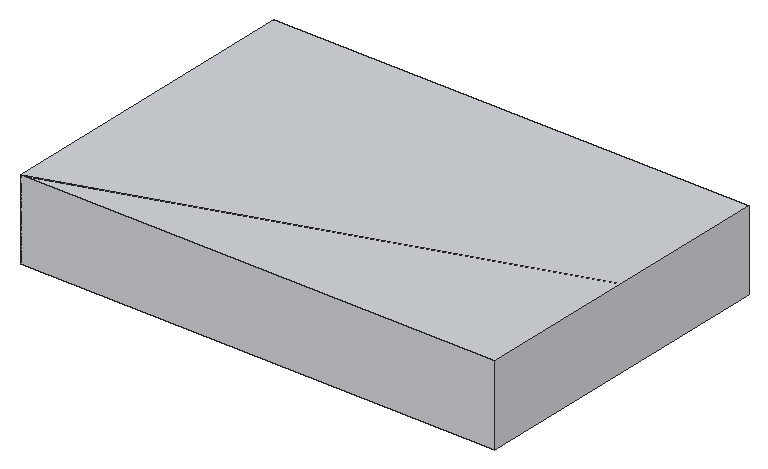
Revit family "電線管用ファミリ(片側のみ)_18", category Electrical Fixtures, Revit 2021
Family settings
  Maintain Annotation Orientation = No
  Round Connector Dimension = Use Diameter
  Part Type = Normal
  OmniClass Number = 23.80.00.00
  OmniClass Title = Electric Power and Lighting
  Work Plane-Based = No
  Always vertical = Yes
  Cut with Voids When Loaded = No
  Shared = No
  Room Calculation Point = No
Parameters
  コネクタ直径 [instance] = 16 mm
  W [instance] = 300 mm
  Default Elevation = 0 mm
  D [instance] = 200 mm
Reference planes
  plane 1 "Center (Front/Back)": y = 0
  plane 2: z = 0
  plane 3 "Center (Left/Right)": x = 0
  plane 4: x = -150
  plane 5: x = 150
  plane 6: y = 100
  plane 7: y = -100
  plane 8: z = 50
Forms (mm)
  Extrusion 1, solid
    sketch origin (0, 0, 0) x (1, 0, 0) y (0, 1, 0)
      loop
        line (-150, 100) -> (-150, -100) -> (150, -100) -> (150, 100) -> (-150, 100)
    from 0 to 50
  Extrusion 2, solid
    sketch origin (0, 0, 0) x (1, 0, 0) y (0, 1, 0)
      loop
        line (-150, 100) -> (-150, -100) -> (150, 0) -> (-150, 100)
    from 0 to 50
Dimensions and locks
  equal spacing: plane 4, plane 3 "Center (Left/Right)", plane 5
  "W": plane 4 to plane 5
  equal spacing: plane 6, plane 1 "Center (Front/Back)", plane 7
  "D": plane 6 to plane 7
  aligned and locked: level to plane 2
  aligned and locked: plane 8 to Extrusion 1
Automatic sketch dimensions
  Extrusion 1 sketch curve to plane 4 = 0 mm
  Extrusion 1 sketch curve to plane 5 = 0 mm
  Extrusion 1 sketch curve to plane 7 = 0 mm
  Extrusion 1 sketch curve to plane 6 = 0 mm
  Extrusion 2 sketch curve to plane 4 = 0 mm
  plane 1 "Center (Front/Back)" to Extrusion 2 sketch curve = 0 mm
  Extrusion 2 sketch curve to plane 5 = 0 mm
  Extrusion 2 sketch curve to plane 7 = 0 mm
  Extrusion 2 sketch curve to plane 6 = 0 mm
Connectors
  cabletrayconduit at (0, 0, 50), diameter 16
    settings: on Extrusion 1, index 1, connector width 300 mm, connector height 300 mm, connector angle 0.00°, system type 32, placement type 0, profile type 0, connector reference index -1, is primary connector yes, connector utility param no, connector description ""
